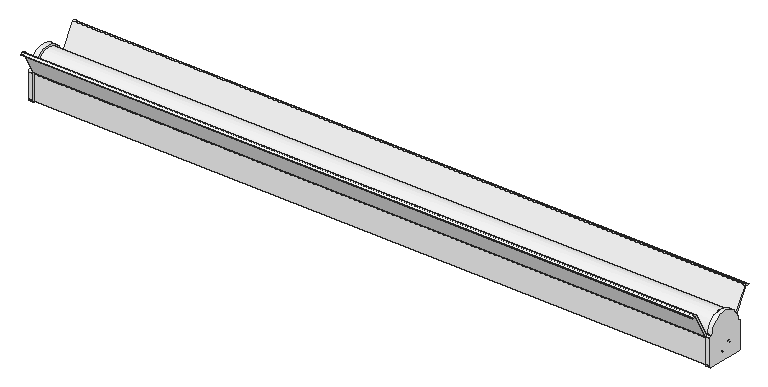
Revit family "0045208+0045233 Feilo Sylvania Lighting Fixture SYLBATTEN LED3 NW DALI TP6 E3 with SYMMETRIC REFLECTOR ACCESSORY 1200MM", category Lighting Fixtures, host Face, Revit 2017
Family settings
  Host = Face
  Round Connector Dimension = Use Diameter
  Part Type = Normal
  OmniClass Number = 23.80.70.00
  OmniClass Title = Lighting
  Cut with Voids When Loaded = No
  Light Source = Yes
  Shared = No
  Room Calculation Point = No
Parameters (values of type "0045208 SYLBATTEN LED3 NW DALI TP6 E3")
  Width_FEILO = 66 mm
  Weight = "3.1 kg"
  Wattage Comments = "n/a"
  Wattage = 28 W
  WarrantyStartDate [instance] = "n/a"
  WarrantyGuarantorParts = "n/a"
  WarrantyDurationUnit = "n/a"
  WarrantyDurationParts = "n/a"
  WarrantyDescription = "n/a"
  built-in parameter 1150110 = 1 (stored number, unit not read)
  Voltage = 230 V
  URL = "http://www.sylvania-lighting.com"
  TypeName = "SYLBATTEN LED3 NW DALI TP6 E3"
  Type Image = <None>
  Type Comments = "n/a"
  built-in parameter 1114217 = 1 (stored number, unit not read)
  Tilt Angle = -90.00°
  built-in parameter 1150109 = 1 (stored number, unit not read)
  built-in parameter 1150134 = 12
  SymReflector_FEILO = yes
  built-in parameter 1150113 = 1 (stored number, unit not read)
  SerialNumber [instance] = "n/a"
  PowerFactor = 0
  PowerConsumption = "28 W"
  Photometric Web File = "0045208+0045233.ies"
  NominalLength = 1205 mm
  NominalHeight = 76 mm
  NominalDepth = 66 mm
  Name = "SYLBATTEN LED3 NW DALI TP6 E3"
  ModelReference = Name  # "SYLBATTEN LED3 NW DALI TP6 E3"
  ModelNumber = "0045208"
  Model = Name  # "SYLBATTEN LED3 NW DALI TP6 E3"
  Material_4_FEILO = Reflector-Sylvania-Sylbatten-White
  Material_3_FEILO = Diffuser-Sylvania-Sylbatten-Glow
  Material_2_FEILO = Body-Sylvania-Sylbatten-White
  Material_1_FEILO = Body-Sylvania-Sylbatten-White
  Material = "sheet steel housing, polycarbonate diffuser"
  ManufacturerName = "Feilo Sylvania"
  Manufacturer = "Feilo Sylvania"
  LuminousEfficacy = "100.4 lm/W"
  built-in parameter 1150105 = 223.75 (stored number, unit not read)
  Lumens = 2811.76 lm
  LuminaireType = ""
  built-in parameter 1150115 = 1 (stored number, unit not read)
  LightOutputRatio = "100"
  built-in parameter 1150137 = (empty or 0)
  built-in parameter 1150139 = (empty or 0)
  Length_FEILO = 1205 mm
  LampsType = Lamp  # "LED"
  LampNominalLuminous = "2812 lm"
  LampMacAdamStep = "n/a"
  LampColourTemperature = "4000 K"
  LampColourRenderingIndex = "80"
  built-in parameter 1150112 = 1 (stored number, unit not read)
  built-in parameter 1150114 = 1 (stored number, unit not read)
  Lamp = "LED"
  Keynote = "16500"
  InstallationDate [instance] = "n/a"
  InputVoltage = "220-240V~"
  InputNominalFrequency = "n/a"
  built-in parameter 1150132 = (empty or 0)
  built-in parameter 1150102 = (empty or 0)
  built-in parameter 1150107 = 4000 (stored number, unit not read)
  built-in parameter 1150138 = (empty or 0)
  IngressProtection = "IP20"
  ImpactProtectionIndex = "IK07"
  built-in parameter 1150106 = 2.2375 (stored number, unit not read)
  IfcExportType = "IfcLightFixtureType"
  IfcExportAs = "IfcLightFixtureType"
  Height_FEILO = 76 mm
  ExpectedLife = 50000
  Emit from Rectangle Width = Length_FEILO - 16 mm  # 1189 mm
  Emit from Rectangle Length = Width_FEILO - 40 mm  # 26 mm
  Emit Shape Visible in Rendering = no
  ElectricShockClassification = "Class I"
  built-in parameter 1150104 = 9.3293 (stored number, unit not read)
  DurationUnit = "hours"
  DocumentationLiterature = "http://www.sylvania-lighting.com/product/en-int/products/0045208"
  DimmingControlOptions = "Dimmable"
  Dimming Lamp Color Temperature Shift = <None>
  Description = "LED batten, T8 replacement, ease of installation through 2 part push-in design of the housing (safety cable included), through wiring capability (TP6 = 6 core), sheet steel, 2812LM, 26W, 108lm/W, 4000K, drive current: 350mA, CRI 80, 138° wide beam angle, DALI dimmable, integral 3 hour maintained emergency, IP20, IK07, 50,000 hrs (L70), (LxWxH) 1205x66x76mm, 5 step MacAdam ellipse, 3kg, white RAL 9016, Class 1, 220-240V, energy class: A++, A+, A."
  Default Elevation = 1219.2 mm
  CreatedOn = "2/22/2018"
  CreatedBy = ""
  Cost = 0
  Color Filter = 16777215
  built-in parameter 1114216 [instance] = (empty or 0)
  ClassificationValue = "EF_70_80"
  ClassificationName = "Uniclass2015"
  CapOffset_FEILO = 2 mm
  BarCode [instance] = "n/a"
  built-in parameter 1114218 = 1 (stored number, unit not read)
  BackReflector_FEILO = and(not(AsymReflector_FEILO), SymReflector_FEILO)  # yes
  built-in parameter 1150133 = 10 (stored number, unit not read)
  FrontReflector_FEILO = or(AsymReflector_FEILO, SymReflector_FEILO)  # yes
  AsymReflector_FEILO = no
  AssetType = "Fixed"
  AssetIdentifier [instance] = "n/a"
  Assembly Code = "D5020200"
  Apparent Load = 28 VA
Reference planes
  plane 1 "Center (Front/Back)": y = 0
  plane 2: z = 0
  plane 3 "Center (Left/Right)": x = 0
  plane 4: x = 602.5
  plane 5: x = -602.5
  plane 6: y = 33
  plane 7: y = -33
  plane 8: z = 76
  plane 9: z = 47
  plane 10: y = -29
  plane 11: y = 29
  plane 12: z = 20
  plane 13: z = 74
  plane 14: y = -31
  plane 15: y = -27
  plane 16: y = 27
  plane 17: y = 31
  plane 18: z = 2
  plane 19: x = -594.5
  plane 20: x = 594.5
  plane 21: z = 49
  plane 22: y = 1
  plane 23: y = -1
  plane 24: z = 21
  plane 25: z = 19
  plane 26: y = -61
  plane 27: y = 61
  plane 28: y = -56
  plane 29: y = 56
  plane 30: z = 91
  plane 31: z = 88
Forms (mm)
  Extrusion 1, solid, material "Body-Sylvania-Sylbatten-White" <- "Material_2_FEILO"
    sketch origin (0, 0, 0) x (0, 1, 0) y (0, 0, 1)
      loop
        line (-31, 2) -> (31, 2) -> (31, 45)
        arc (31, 45) -> (30.414, 46.414) -> (29, 47) r 2
        line (29, 47) -> (27, 47)
        arc (27, 47) -> (0, 74) -> (-27, 47) r 27
        line (-27, 47) -> (-29, 47)
        arc (-29, 47) -> (-30.414, 46.414) -> (-31, 45) r 2
        line (-31, 45) -> (-31, 2)
    from -594.5 to 594.5
  Extrusion 2, solid, material "Body-Sylvania-Sylbatten-White" <- "Material_2_FEILO"
    sketch origin (602.5, 1524, 1219.2) x (0, 1, 0) y (0, 0, 1)
      loop
        arc (-1494, -1219.2) -> (-1491.879, -1218.321) -> (-1491, -1216.2) r 3
        line (-1491, -1216.2) -> (-1491, -1173.2)
        arc (-1491, -1173.2) -> (-1491.879, -1171.079) -> (-1494, -1170.2) r 3
        line (-1494, -1170.2) -> (-1495.069, -1170.2)
        arc (-1495.069, -1170.2) -> (-1524, -1143.2) -> (-1552.931, -1170.2) r 29
        line (-1552.931, -1170.2) -> (-1554, -1170.2)
        arc (-1554, -1170.2) -> (-1556.121, -1171.079) -> (-1557, -1173.2) r 3
        line (-1557, -1173.2) -> (-1557, -1216.2)
        arc (-1557, -1216.2) -> (-1556.121, -1218.321) -> (-1554, -1219.2) r 3
        line (-1554, -1219.2) -> (-1494, -1219.2)
      loop
        arc (-1525, -1189.25) -> (-1531.071, -1192.129) -> (-1533.95, -1198.2) r 10
        line (-1533.95, -1198.2) -> (-1532.944, -1198.2)
        arc (-1532.944, -1198.2) -> (-1530.364, -1192.836) -> (-1525, -1190.256) r 9
        line (-1525, -1190.256) -> (-1525, -1189.25)
      loop
        arc (-1523, -1190.256) -> (-1517.636, -1192.836) -> (-1515.056, -1198.2) r 9
        line (-1515.056, -1198.2) -> (-1514.05, -1198.2)
        arc (-1514.05, -1198.2) -> (-1516.929, -1192.129) -> (-1523, -1189.25) r 10
        line (-1523, -1189.25) -> (-1523, -1190.256)
      loop
        line (-1532.944, -1200.2) -> (-1533.95, -1200.2)
        arc (-1533.95, -1200.2) -> (-1531.071, -1206.271) -> (-1525, -1209.15) r 10
        line (-1525, -1209.15) -> (-1525, -1208.144)
        arc (-1525, -1208.144) -> (-1530.364, -1205.564) -> (-1532.944, -1200.2) r 9
      loop
        arc (-1515.056, -1200.2) -> (-1517.636, -1205.564) -> (-1523, -1208.144) r 9
        line (-1523, -1208.144) -> (-1523, -1209.15)
        arc (-1523, -1209.15) -> (-1516.929, -1206.271) -> (-1514.05, -1200.2) r 10
        line (-1514.05, -1200.2) -> (-1515.056, -1200.2)
    from 0 to -8
  Extrusion 3, solid, material "Body-Sylvania-Sylbatten-White" <- "Material_2_FEILO"
    sketch origin (-602.5, 1524, 1219.2) x (0, 1, 0) y (0, 0, 1)
      loop
        arc (-1495.069, -1170.2) -> (-1524, -1143.2) -> (-1552.931, -1170.2) r 29
        line (-1552.931, -1170.2) -> (-1554, -1170.2)
        arc (-1554, -1170.2) -> (-1556.121, -1171.079) -> (-1557, -1173.2) r 3
        line (-1557, -1173.2) -> (-1557, -1216.2)
        arc (-1557, -1216.2) -> (-1556.121, -1218.321) -> (-1554, -1219.2) r 3
        line (-1554, -1219.2) -> (-1494, -1219.2)
        arc (-1494, -1219.2) -> (-1491.879, -1218.321) -> (-1491, -1216.2) r 3
        line (-1491, -1216.2) -> (-1491, -1173.2)
        arc (-1491, -1173.2) -> (-1491.879, -1171.079) -> (-1494, -1170.2) r 3
        line (-1494, -1170.2) -> (-1495.069, -1170.2)
      loop
        line (-1533.95, -1198.2) -> (-1532.944, -1198.2)
        arc (-1532.944, -1198.2) -> (-1530.364, -1192.836) -> (-1525, -1190.256) r 9
        line (-1525, -1190.256) -> (-1525, -1189.25)
        arc (-1525, -1189.25) -> (-1531.071, -1192.129) -> (-1533.95, -1198.2) r 10
      loop
        line (-1523, -1189.25) -> (-1523, -1190.256)
        arc (-1523, -1190.256) -> (-1517.636, -1192.836) -> (-1515.056, -1198.2) r 9
        line (-1515.056, -1198.2) -> (-1514.05, -1198.2)
        arc (-1514.05, -1198.2) -> (-1516.929, -1192.129) -> (-1523, -1189.25) r 10
      loop
        line (-1514.05, -1200.2) -> (-1515.056, -1200.2)
        arc (-1515.056, -1200.2) -> (-1517.636, -1205.564) -> (-1523, -1208.144) r 9
        line (-1523, -1208.144) -> (-1523, -1209.15)
        arc (-1523, -1209.15) -> (-1516.929, -1206.271) -> (-1514.05, -1200.2) r 10
      loop
        line (-1525, -1209.15) -> (-1525, -1208.144)
        arc (-1525, -1208.144) -> (-1530.364, -1205.564) -> (-1532.944, -1200.2) r 9
        line (-1532.944, -1200.2) -> (-1533.95, -1200.2)
        arc (-1533.95, -1200.2) -> (-1531.071, -1206.271) -> (-1525, -1209.15) r 10
    from 0 to 8
  Extrusion 4, solid, material "Reflector-Sylvania-Sylbatten-White" <- "Material_4_FEILO", visible <- "FrontReflector_FEILO"
    sketch origin (0, 0, 0) x (0, 1, 0) y (0, 0, 1)
      loop
        line (-61.257, 88.429) -> (-60.743, 87.571) -> (-56.621, 90.044)
        arc (-56.621, 90.044) -> (-56.237, 90.099) -> (-55.929, 89.863) r 0.5
        line (-55.929, 89.863) -> (-31.435, 46.753) -> (-30.565, 47.247) -> (-55.312, 90.802)
        arc (-55.312, 90.802) -> (-55.928, 91.275) -> (-56.696, 91.165) r 1
        line (-56.696, 91.165) -> (-61.257, 88.429)
    from -594.5 to 594.5
  Extrusion 5, solid, material "Reflector-Sylvania-Sylbatten-White" <- "Material_4_FEILO", visible <- "BackReflector_FEILO"
    sketch origin (0, 0, 0) x (0, 1, 0) y (0, 0, 1)
      loop
        line (30.565, 47.247) -> (31.435, 46.753) -> (55.932, 89.868)
        arc (55.932, 89.868) -> (56.245, 90.112) -> (56.638, 90.062) r 0.518
        line (56.638, 90.062) -> (61.033, 87.565) -> (61.527, 88.435) -> (56.682, 91.188)
        arc (56.682, 91.188) -> (55.922, 91.282) -> (55.318, 90.812) r 1
        line (55.318, 90.812) -> (30.565, 47.247)
    from -594.5 to 594.5
Lines and regions (mm)
  reference lines
    curve 1: line (0, -61, 88) -> (0, -56, 91)
    curve 2: line (0, -56, 91) -> (0, -31, 47)
    curve 3: line (0, 31, 47) -> (0, 56, 91)
    curve 4: line (0, 56, 91) -> (0, 61.28, 88)
Dimensions and locks
  equal spacing: plane 5, plane 3 "Center (Left/Right)", plane 4
  equal spacing: plane 7, plane 1 "Center (Front/Back)", plane 6
  "Width_FEILO": plane 7 to plane 6
  "Length_FEILO": plane 5 to plane 4
  "Height_FEILO": plane 8 to plane 2
  locked: plane 9 to plane 8 at 29
  equal spacing: plane 10, plane 1 "Center (Front/Back)", plane 11
  locked: plane 7 to plane 10 at 4
  locked: plane 12 to plane 2 at 20
  "CapOffset_FEILO": plane 13 to plane 8
  "CapOffset_FEILO": plane 7 to plane 14
  "CapOffset_FEILO": plane 10 to plane 15
  "CapOffset_FEILO": plane 17 to plane 6
  "CapOffset_FEILO": plane 16 to plane 11
  "CapOffset_FEILO": plane 18 to plane 2
  locked: plane 14 to Extrusion 1 sketch curve at 2
  locked: Extrusion 1 sketch curve to plane 9 at 2  (x2)
  locked: plane 16 to Extrusion 1 sketch curve at 2
  equal spacing: plane 19, plane 3 "Center (Left/Right)", plane 20
  locked: plane 5 to plane 19 at 8
  "CapOffset_FEILO": plane 9 to plane 21
  locked: Extrusion 2 sketch curve to plane 2 at 47
  locked: Extrusion 1 sketch curve to plane 2 at 47
  locked: Extrusion 2 sketch curve to plane 2 at 3  (x2)
  locked: plane 7 to Extrusion 2 sketch curve at 3  (x2)
  locked: Extrusion 2 sketch curve to plane 6 at 3  (x2)
  locked: Extrusion 2 sketch curve to plane 21 at 3  (x2)
  equal spacing: plane 23, plane 1 "Center (Front/Back)", plane 22
  equal spacing: plane 25, plane 12, plane 24
  plane 30 to plane 31 to plane 2 = 3 mm locked, 88 mm locked
  plane 28 to plane 29 = 112 mm
  plane 26 to plane 27 = 122 mm
  aligned and locked: plane 2 to host face
  aligned and locked: level to host face
  aligned and locked: plane 18 to Extrusion 1 sketch curve
  aligned and locked: plane 14 to Extrusion 1 sketch curve
  aligned and locked: Extrusion 1 sketch curve to plane 9  (x2)
  aligned and locked: Extrusion 1 sketch curve to plane 17
  aligned and locked: plane 15 to Extrusion 1 sketch curve
  aligned and locked: plane 16 to Extrusion 1 sketch curve
  aligned and locked: plane 9 to Extrusion 1 sketch curve
  aligned and locked: plane 20 to Extrusion 1
  aligned and locked: level to Extrusion 2 sketch curve
  aligned and locked: Extrusion 2 sketch curve to plane 7
  aligned and locked: plane 21 to Extrusion 2 sketch curve
  aligned and locked: Extrusion 2 sketch curve to plane 21
  aligned and locked: plane 1 "Center (Front/Back)" to Extrusion 2 sketch curve  (x3)
  aligned and locked: Extrusion 2 to Extrusion 1
  aligned and locked: plane 4 to Extrusion 2
  aligned and locked: plane 12 to Extrusion 2 sketch curve  (x2)
  aligned and locked: Extrusion 2 sketch curve to plane 22
  aligned and locked: Extrusion 2 sketch curve to plane 23
  aligned and locked: Extrusion 2 sketch curve to plane 24
  aligned and locked: Extrusion 2 sketch curve to plane 25
  aligned and locked: plane 25 to Extrusion 2 sketch curve
  aligned and locked: plane 22 to Extrusion 2 sketch curve
  aligned and locked: plane 24 to Extrusion 2 sketch curve
  aligned and locked: plane 23 to Extrusion 2 sketch curve  (x2)
  aligned and locked: Extrusion 3 sketch curve to Extrusion 2  (x22)
  aligned and locked: Extrusion 3 to Extrusion 1
  aligned and locked: Extrusion 3 to plane 5
  aligned and locked: plane 19 to Extrusion 3
  aligned and locked: plane 31 to curve 1
  aligned and locked: plane 30 to curve 1
  aligned and locked: plane 14 to curve 2
  aligned and locked: plane 9 to curve 2
  aligned and locked: plane 17 to curve 3
  aligned and locked: plane 30 to curve 3
  aligned and locked: plane 31 to curve 4
  aligned and locked: Extrusion 4 sketch curve to curve 2
  aligned and locked: Extrusion 4 sketch curve to curve 1
  aligned and locked: Extrusion 4 to Extrusion 1
  aligned and locked: Extrusion 1 to Extrusion 4
  aligned and locked: imposter light to plane 1 "Center (Front/Back)"
  aligned and locked: imposter light to plane 3 "Center (Left/Right)"
  aligned and locked: imposter light to plane 13
  aligned and locked: Extrusion 5 sketch curve to curve 4
  aligned and locked: Extrusion 5 sketch curve to curve 3
  aligned and locked: Extrusion 1 to Extrusion 5
  aligned and locked: Extrusion 5 to Extrusion 1
Automatic sketch dimensions
  host sketch curve to host sketch curve = 2438.4 mm  (x2)
  Extrusion 2 sketch curve to Extrusion 2 sketch curve = 0 mm  (x14)
  Extrusion 2 sketch curve to plane 10 = 0.069 mm
  plane 23 to Extrusion 2 sketch curve = 8.95 mm
  Extrusion 2 sketch curve to Extrusion 2 sketch curve = 1.006 mm  (x4)
  Extrusion 2 sketch curve to plane 22 = 7.944 mm
  curve 1 to plane 26 = 0 mm
  curve 2 to plane 28 = 0 mm
  curve 4 to plane 29 = 0 mm
  plane 9 to curve 3 = 0 mm
  plane 26 to Extrusion 4 sketch curve = 0.257 mm
  Extrusion 4 sketch curve to plane 26 = 0.257 mm
  Extrusion 4 sketch curve to plane 30 = 0.165 mm
  plane 28 to Extrusion 4 sketch curve = 0.696 mm
  plane 28 to Extrusion 4 sketch curve = 0.621 mm
  plane 28 to Extrusion 4 sketch curve = 0.364 mm
  plane 28 to Extrusion 4 sketch curve = 0.182 mm
  Extrusion 4 sketch curve to plane 28 = 0.071 mm
  plane 30 to Extrusion 4 sketch curve = 0.198 mm
  Extrusion 4 sketch curve to plane 28 = 0.688 mm
  plane 9 to Extrusion 4 sketch curve = 0.247 mm
  plane 1 "Center (Front/Back)" to Extrusion 4 sketch curve = 31.435 mm
  Extrusion 5 sketch curve to plane 9 = 0.247 mm
  Extrusion 5 sketch curve to plane 1 "Center (Front/Back)" = 30.565 mm
  plane 9 to Extrusion 5 sketch curve = 0.247 mm
  plane 30 to Extrusion 5 sketch curve = 0.188 mm
  plane 29 to Extrusion 5 sketch curve = 0.068 mm
  Extrusion 5 sketch curve to plane 29 = 0.188 mm
  Extrusion 5 sketch curve to plane 29 = 0.382 mm
  Extrusion 5 sketch curve to Extrusion 5 sketch curve = 0.256 mm
  Extrusion 5 sketch curve to plane 30 = 0.188 mm
  Extrusion 5 sketch curve to plane 29 = 0.682 mm
  Extrusion 5 sketch curve to plane 27 = 0.033 mm
  Extrusion 5 sketch curve to plane 27 = 0.527 mm
Connectors
  electrical at (0, 0, 0), driven by "Apparent Load", driven by "PowerFactor", driven by "Voltage"
    settings: index 1, voltage 230 V, apparent load 28 VA, apparent load phase1 0 VA, apparent load phase2 0 VA, apparent load phase3 0 VA, power factor 0, load classification "Lighting", number of poles 1, system type 30, power factor state 1, is connector primary yes, connector utility no, sub classification motor no, connector description ""
